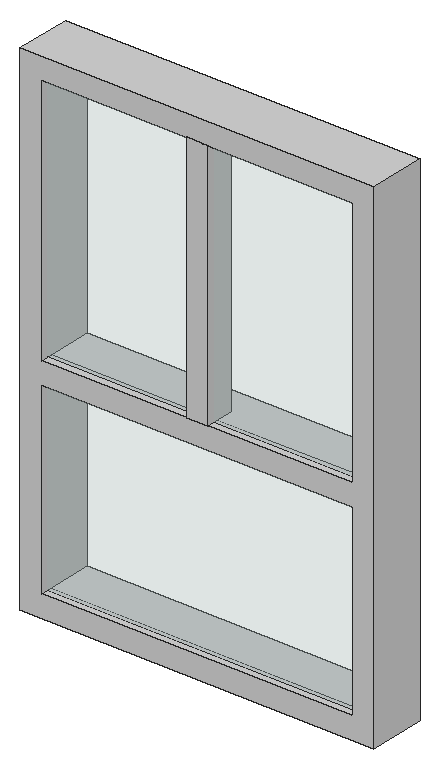
Revit family "CT_Janela_Painel_3Vid", category Windows, host Wall, Revit 2025
Family settings
  Host = Wall
  OmniClass Number = 23.30.20.00
  OmniClass Title = Windows
  Always vertical = Yes
  Cut with Voids When Loaded = No
  Shared = No
  Room Calculation Point = Yes
Parameters (values of type "JAN_125x177_FAC_3PA")
  Material_Vidro = CT_Vidros
  Material_Esquadria = CT_Esquadrias_Aluminio
  Height = 1.775 m
  Espess_Esquadria = 0.075 m
  Define Thermal Properties by = Schematic Type
  Default Sill Height = 0.800 m
  Wall Closure = By host
  Width = 1.250 m
  Analytic Construction = "<None>"
  Alt_Bandeira_Sup = 1.000 m
  Alt_Bandeira_Inf = 1.600 m
Reference planes (m)
  plane 1 "Center (Front/Back)": y = 0
  plane 2 "Center (Left/Right)": x = 0
  plane 3 "Left": x = -0.625
  plane 4 "Right": x = 0.625
  plane 5 "Sill": z = 0.8
  plane 6 "Head": z = 2.575
  plane 7 "Exterior": y = 0.1
  plane 8 "Interior": y = -0.1
  plane 9: z = 1.575
Forms (m)
  Extrusion 1, solid, material "CT_Esquadrias_Aluminio" <- "Material_Esquadria"
    sketch origin (0, 0.1, 0) x (1, 0, 0) y (0, 0, 1)
      loop
        line (0.625, 2.575) -> (-0.625, 2.575) -> (-0.625, 0.8) -> (0.625, 0.8) -> (0.625, 2.575)
      loop
        line (-0.55, 2.5) -> (-0.55, 1.6125) -> (0.55, 1.6125) -> (0.55, 2.5) -> (-0.55, 2.5)
      loop
        line (-0.55, 1.5375) -> (-0.55, 0.875) -> (0.55, 0.875) -> (0.55, 1.5375) -> (-0.55, 1.5375)
    from 0 to 0.2
  Extrusion 2, solid, material "CT_Vidros" <- "Material_Vidro"
    sketch origin (0, 0.1, 0) x (1, 0, 0) y (0, 0, 1)
      loop
        line (0.55, 2.5) -> (0.0375, 2.5) -> (0.0375, 1.6125) -> (0.55, 1.6125) -> (0.55, 2.5)
      loop
        line (-0.0375, 2.5) -> (-0.55, 2.5) -> (-0.55, 1.6125) -> (-0.0375, 1.6125) -> (-0.0375, 2.5)
      loop
        line (0.55, 1.5375) -> (-0.55, 1.5375) -> (-0.55, 0.875) -> (0.55, 0.875) -> (0.55, 1.5375)
    from 0.158589 to 0.174642
  Extrusion 3, solid, material "CT_Esquadrias_Aluminio" <- "Material_Esquadria"
    sketch origin (0, 0.1, 0) x (-1, 0, 0) y (0, 0, 1)
      loop
        line (-0.0375, 1.6125) -> (0.0375, 1.6125) -> (0.0375, 2.5) -> (-0.0375, 2.5) -> (-0.0375, 1.6125)
    from -0.1 to -0.2
Lines and regions (m)
  Opening 1
    outline origin (3.5, -0.1, 0) x (1, 0, 0) y (0, 0, 1)
      loop
        line (-2.875, 0.8) -> (-2.875, 2.575) -> (-4.125, 2.575) -> (-4.125, 0.8) -> (-2.875, 0.8)
Text (m)
  text "EXTERIOR" at (-1.963203, 1.332353, 0), in view "Ref. Level"
  text "INTERIOR" at (-1.981466, -0.818386, 0), in view "Ref. Level"
  text "Exterior" at (0, 0.923751, 2.943296), in view "Right"
  text "Exterior" at (0, 1.040484, 2.685409), in view "Left"
Dimensions and locks (m)
  equal spacing: plane 3 "Left", plane 2 "Center (Left/Right)", plane 4 "Right"
  "Width": plane 3 "Left" to plane 4 "Right"
  "Height": plane 5 "Sill" to plane 6 "Head"
  "Default Sill Height": plane 5 "Sill" to level
  locked: plane 7 "Exterior" to host wall
  locked: plane 8 "Interior" to host wall
  "Alt_Bandeira_Sup": plane 9 to plane 6 "Head"
  Extrusion 1 to Extrusion 1 = 0.075 m
  Extrusion 1 sketch curve to plane 9 = 0.0375 m
  Extrusion 1 sketch curve to Extrusion 1 sketch curve = 0.075 m  (x2)
  "Espess_Esquadria": Extrusion 1 sketch curve to Extrusion 1 sketch curve  (x3)
  locked: Extrusion 1 to Extrusion 2 at 0.025358
  locked: Extrusion 2 to Extrusion 2 at 0.016053
  locked: Extrusion 3 to Extrusion 3 at 0.1
  aligned and locked: plane 8 "Interior" to Extrusion 1
  aligned and locked: Extrusion 1 to plane 7 "Exterior"
  aligned and locked: plane 3 "Left" to Extrusion 1
  aligned and locked: Extrusion 1 to plane 4 "Right"
  aligned and locked: Extrusion 1 sketch curve to Extrusion 1 sketch curve  (x2)
  aligned and locked: Extrusion 1 to Extrusion 2 sketch curve  (x4)
  aligned and locked: Extrusion 2 sketch curve to Extrusion 1  (x4)
  aligned and locked: Extrusion 1 sketch curve to plane 5 "Sill"
  aligned and locked: Extrusion 3 sketch curve to Extrusion 2  (x2)
  aligned and locked: Extrusion 1 to Extrusion 3 sketch curve
  aligned and locked: Extrusion 3 sketch curve to Extrusion 1
  aligned and locked: Extrusion 1 to Extrusion 3
  aligned and locked: Extrusion 3 to Extrusion 1  (x2)
Automatic sketch dimensions
  plane 3 "Left" to Opening 1 sketch curve = 0.000 m
  Opening 1 sketch curve to plane 4 "Right" = 0.000 m
  Opening 1 sketch curve to plane 5 "Sill" = 0.000 m
  Opening 1 sketch curve to plane 6 "Head" = 0.000 m
  plane 2 "Center (Left/Right)" to Extrusion 2 sketch curve = 0.0375 m
  Extrusion 2 sketch curve to plane 2 "Center (Left/Right)" = 0.0375 m
  plane 9 to Extrusion 2 sketch curve = 0.0375 m
  Extrusion 2 sketch curve to Extrusion 2 sketch curve = 0.000 m
  plane 3 "Left" to Extrusion 1 sketch curve = 0.000 m
  plane 4 "Right" to Extrusion 1 sketch curve = 0.000 m
  Extrusion 1 sketch curve to plane 6 "Head" = 0.000 m
  Extrusion 1 sketch curve to plane 9 = 0.0375 m
  plane 9 to Extrusion 1 sketch curve = 0.0375 m
  plane 6 "Head" to Extrusion 1 sketch curve = 0.075 m
